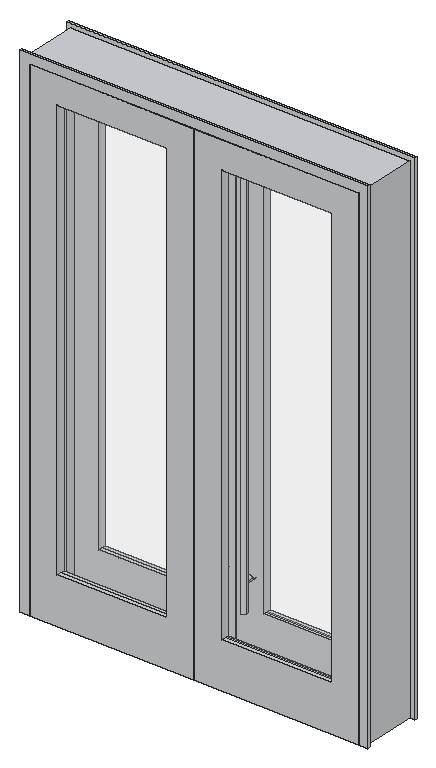
Revit family "DOOR_Double Glass_Stile & Rail", category Doors, host Wall, Revit 2024
Family settings
  Host = Wall
  Always vertical = Yes
  Cut with Voids When Loaded = No
  Shared = No
  Room Calculation Point = No
Parameters (values of type "1800mm x 2700mm")
  Width_Panel = Width / 2  # 900 mm
  Vertical Pull Material = none
  Vertical Pull = yes
  Thickness = 44.45 mm
  Single ADA Clearance Lines [instance] = yes
  Rough Width = Width + (2 * Rough In Gap)  # 1850 mm
  Rough In Gap = 25 mm
  Rough Height [instance] = Height + Rough In Gap  # 2725 mm
  Rabbit Width = 16 mm
  Rabbit Inset Distance from Front Trim = 45 mm
  Rabbit Depth = 50 mm
  Panic Device Material = none
  Panic Device = no
  Panel Distance to Top = 150 mm
  Panel Distance to Edge = 150 mm
  Panel Kick Height = 250 mm
  Height to Top of Pull [instance] = Height - Panel Distance to Top  # 2550 mm
  Height = 2700 mm
  Wall Closure = By host
  Width = 1800 mm
  Glazed Panel Depth = 25 mm
  Function = Interior
  Frame Trim Width = 50 mm
  Frame Trim Thickness = 12.5 mm
  Fire Rating = ""
  EA_Repath [instance] = 0 mm
  Double Swing - Right Door [instance] = yes
  Double Swing - Left Door [instance] = yes
  Double ADA Clearance Lines [instance] = yes
  Door_$Panel_Material [instance] = none
  Door_$Leaf1_3DSwing_Angle [instance] = 0.00°
  Door_$Leaf1_2DSwing_Angle [instance] = 90.00°
  Door_$Frame_Material [instance] = none
  Distance Pull to Edge of Panel = 75 mm
  Define Thermal Properties by = Schematic Type
  Assembly Code = "C1020"
  Analytic Construction = "<None>"
Types (3, lengths in mm): name | Rough Height | Height to Top of Pull | Height
  1800mm x 2100mm | 2125 | 1950 | 2100
  1800mm x 2400mm | 2425 | 2250 | 2400
  1800mm x 2700mm | 2725 | 2550 | 2700
Reference planes
  plane 1 "Center (Front/Back)": y = 0
  plane 2 "Center (Left/Right)": x = 0
  plane 3 "Left": x = -900
  plane 4 "Right": x = 900
  plane 5 "Top": z = 2700
  plane 6: x = -75
  plane 7: x = 75
  plane 8: z = 250
  plane 9: z = 2550
  plane 10: y = 142.875
  plane 11: y = -152.4
  plane 12: y = 152.4
Forms (mm)
  Sweep 1, solid, material <- "Door_$Frame_Material"
    path origin (0, 0, 0) x (1, 0, 0) y (0, 0, 1)
      loop
        line (900, 0) -> (900, 2700) -> (-900, 2700) -> (-900, 0)
    profile origin (900, 0, 1350) x (-1, 0, 0) y (0, -1, 0)
      loop
        line (-25.4, 152.4) -> (-25.4, -152.4) -> (-50, -152.4) -> (-50, -164.9) -> (0, -164.9) -> (0, -120.45) -> (16, -120.45) -> (16, -70.45) -> (0, -70.45) -> (0, 164.9) -> (-50, 164.9) -> (-50, 152.4) -> (-25.4, 152.4)
Lines and regions (mm)
  Opening 1
    outline origin (-2286, -152.4, 0) x (1, 0, 0) y (0, 0, 1)
      loop
        line (1361, 0) -> (3211, 0) -> (3211, 2725) -> (1361, 2725) -> (1361, 0)
  symbolic lines, style "Elevation Swing"
    curve 1: line (0, 152.4, 0) -> (-900, 152.4, 1350)
    curve 2: line (-900, 152.4, 1350) -> (0, 152.4, 2700)
    curve 3: line (0, 152.4, 0) -> (900, 152.4, 1350)
    curve 4: line (900, 152.4, 1350) -> (0, 152.4, 2700)
  symbolic lines, style "DoorsPanelProjection"
    curve 5: line (0, 164.9, 0) -> (0, -164.9, 0)
  symbolic lines, style "ADA Clearance Lines", visible <- "Double ADA Clearance Lines"
    curve 6: line (-855.55, 1676.4, 0) -> (855.55, 1676.4, 0)
    curve 7: line (-855.55, -1676.4, 0) -> (-855.55, 1676.4, 0)
    curve 8: line (855.55, -1676.4, 0) -> (-855.55, -1676.4, 0)
    curve 9: line (855.55, 1676.4, 0) -> (855.55, -1676.4, 0)
  symbolic lines, style "ADA Clearance Lines"
    curve 10: line (-855.55, -1371.6, 0) -> (-855.55, 1676.4, 0)
    curve 12: line (855.55, 1676.4, 0) -> (855.55, -1371.6, 0)
  symbolic lines, style "ADA Clearance Lines", visible <- "Single ADA Clearance Lines"
    curve 11: line (855.55, -1371.6, 0) -> (-855.55, -1371.6, 0)
    curve 13: line (-855.55, 1676.4, 0) -> (855.55, 1676.4, 0)
Text (mm)
  text "Exterior" at (-1904.17, 693.701, 0), in view "Ref. Level"
  text "Interior" at (-1904.17, -638.649, 0), in view "Ref. Level"
  text "Exterior" at (0, 1019.848, 3124.603), in view "Right"
  text "Interior" at (0, -1635.541, 3124.603), in view "Right"
  text "Interior" at (0, -787.806, 3124.376), in view "Left"
  text "Exterior" at (0, 1386.095, 3124.376), in view "Left"
Dimensions and locks
  equal spacing: plane 3 "Left", plane 2 "Center (Left/Right)", plane 4 "Right"
  "Height": level to plane 5 "Top"
  "Width": plane 3 "Left" to plane 4 "Right"
  equal spacing: host wall, curve 2, plane 5 "Top"
  "Rough In Gap": plane 4 "Right" to Opening 1 sketch curve
  "Rough In Gap": Opening 1 sketch curve to plane 3 "Left"
  "Rough In Gap": plane 5 "Top" to Opening 1 sketch curve
  "Frame Trim Thickness": Sweep 1 sketch curve to host wall
  "Rabbit Depth": Sweep 1 sketch curve to Sweep 1 sketch curve
  locked: Sweep 1 sketch curve to Sweep 1 sketch curve at 44.45
  "Frame Trim Width": plane 4 "Right" to Sweep 1 sketch curve  (x2)
  "Rabbit Width": Sweep 1 sketch curve to plane 4 "Right"
  "Frame Trim Thickness": host wall to Sweep 1 sketch curve
  "Thickness": nested 1 to Sweep 1
  "Thickness": nested 2 to Sweep 1
  equal spacing: level, curve 4, plane 5 "Top"
  "Distance Pull to Edge of Panel": plane 2 "Center (Left/Right)" to plane 6
  "Distance Pull to Edge of Panel": plane 2 "Center (Left/Right)" to plane 7
  "Panel Kick Height": level to plane 8
  "Height to Top of Pull": level to plane 9
  plane 12 to curve 6 = 1524 mm
  curve 11 to plane 11 = 1219.2 mm
  curve 8 to plane 11 = 1524 mm
  plane 12 to curve 13 = 1524 mm
  aligned and locked: Opening 1 sketch curve to level
  aligned and locked: plane 3 "Left" to curve 1
  aligned and locked: plane 5 "Top" to curve 2
  aligned and locked: plane 4 "Right" to Sweep 1 sketch curve
  aligned and locked: Sweep 1 sketch curve to plane 3 "Left"
  aligned and locked: plane 5 "Top" to Sweep 1 sketch curve
  aligned and locked: host wall to Sweep 1 sketch curve  (x2)
  aligned and locked: Sweep 1 sketch curve to plane 4 "Right"  (x2)
  aligned and locked: nested 3 to plane 6
  aligned and locked: nested 3 to plane 8
  aligned and locked: nested 4 to plane 8
  aligned and locked: nested 4 to plane 6
  aligned and locked: nested 4 to plane 10
  aligned and locked: plane 10 to nested 3
  aligned and locked: plane 8 to nested 5
  aligned and locked: plane 8 to nested 6
  aligned and locked: plane 7 to nested 6
  aligned and locked: plane 7 to nested 5
  aligned and locked: Sweep 1 to nested 7  (x4)
  aligned and locked: nested 8 to Sweep 1  (x2)
  aligned and locked: nested 2 to curve 5
  aligned and locked: nested 8 to curve 5
  aligned and locked: nested 1 to Sweep 1  (x2)
  aligned and locked: Sweep 1 to nested 2  (x4)
  aligned and locked: Sweep 1 to nested 8  (x3)
  aligned and locked: plane 11 to host wall
  aligned and locked: plane 12 to host wall
  aligned and locked: Sweep 1 to nested 1  (x2)
  aligned and locked: plane 3 "Left" to nested 1  (x2)
  aligned and locked: plane 3 "Left" to nested 7  (x3)
  aligned and locked: plane 4 "Right" to nested 8  (x3)
  aligned and locked: plane 4 "Right" to nested 2  (x2)
  aligned and locked: nested 1 to plane 3 "Left"
  aligned and locked: nested 2 to plane 4 "Right"
Automatic sketch dimensions
  curve 1 to level = 0 mm
  curve 2 to plane 2 "Center (Left/Right)" = 0 mm
  Sweep 1 sketch curve to level = 0 mm  (x2)
  profile plane to Sweep 1 sketch curve = 25.4 mm
  curve 3 to plane 4 "Right" = 0 mm
  curve 4 to plane 2 "Center (Left/Right)" = 0 mm
  curve 3 to level = 0 mm
  curve 3 to plane 2 "Center (Left/Right)" = 0 mm
  curve 4 to plane 5 "Top" = 0 mm
  curve 1 to plane 2 "Center (Left/Right)" = 0 mm
  curve 5 to plane 2 "Center (Left/Right)" = 0 mm
  curve 8 to plane 3 "Left" = 44.45 mm
  plane 4 "Right" to curve 13 = 44.45 mm
Nested families
  nested 1: "Door_Glazed Panel_Adjustable" at (-900, 164.9, 0), Panel Thickness <- "Thickness", Panel Width <- "Width_Panel", Panel Height <- "Height", Panel Material <- "Door_$Panel_Material", Opening Angle <- "Door_$Leaf1_3DSwing_Angle", Plan Linework Opening Angle <- "Door_$Leaf1_2DSwing_Angle", Panel Kick Height <- "Panel Kick Height", Panel Distance to Top <- "Panel Distance to Top", Panel Distance to Edge <- "Panel Distance to Edge", Glazed Panel Depth <- "Glazed Panel Depth", type "Door_Panel_Adjustable"
    with Plan Linework Opening Angle 90.00°, Panel Width 900 mm, Panel Thickness 44.45 mm, Panel Material none, Panel Kick Height 250 mm, Panel Height 2700 mm, Panel Distance to Top 150 mm, Panel Distance to Edge 150 mm, Opening Angle 0.00°, Glazed Panel Depth 25 mm
  nested 2: "Door_Glazed Panel_Adjustable" at (900, 164.9, 0) x (-1, 0, 0) z (0, 0, 1), Panel Thickness <- "Thickness", Panel Width <- "Width_Panel", Panel Height <- "Height", Panel Material <- "Door_$Panel_Material", Opening Angle <- "Door_$Leaf1_3DSwing_Angle", Plan Linework Opening Angle <- "Door_$Leaf1_2DSwing_Angle", Panel Kick Height <- "Panel Kick Height", Panel Distance to Top <- "Panel Distance to Top", Panel Distance to Edge <- "Panel Distance to Edge", Glazed Panel Depth <- "Glazed Panel Depth", type "Door_Panel_Adjustable"
    with Plan Linework Opening Angle 90.00°, Panel Width 900 mm, Panel Thickness 44.45 mm, Panel Material none, Panel Kick Height 250 mm, Panel Height 2700 mm, Panel Distance to Top 150 mm, Panel Distance to Edge 150 mm, Opening Angle 0.00°, Glazed Panel Depth 25 mm
  nested 3: "Panic Device" at (-206.986, 142.875, -4) x (-1, 0, 0) z (0, 0, 1), visible <- "Panic Device", type "Default"
    with Offset_FF to Top of Pull 2550 mm
  nested 4: "Vertical Straight Pull" at (-75, 142.875, -4), visible <- "Vertical Pull", type "Default"
    with Offset_FF to Top of Pull 2550 mm
  nested 5: "Panic Device" at (206.986, 142.875, -4), visible <- "Panic Device", type "Default"
    with Offset_FF to Top of Pull 2550 mm
  nested 6: "Vertical Straight Pull" at (75, 142.875, -4) x (-1, 0, 0) z (0, 0, 1), visible <- "Vertical Pull", type "Default"
    with Offset_FF to Top of Pull 2550 mm
  nested 7: "Door_Glazed Panel_Adjustable" at (-900, -164.9, 0), Panel Thickness <- "Thickness", Panel Width <- "Width_Panel", Panel Height <- "Height", Panel Material <- "Door_$Panel_Material", Opening Angle <- "Door_$Leaf1_3DSwing_Angle", Plan Linework Opening Angle <- "Door_$Leaf1_2DSwing_Angle", Panel Kick Height <- "Panel Kick Height", Panel Distance to Top <- "Panel Distance to Top", Panel Distance to Edge <- "Panel Distance to Edge", Glazed Panel Depth <- "Glazed Panel Depth", visible <- "Double Swing - Left Door", type "Door_Panel_Adjustable"
    with Plan Linework Opening Angle 90.00°, Panel Width 900 mm, Panel Thickness 44.45 mm, Panel Material none, Panel Kick Height 250 mm, Panel Height 2700 mm, Panel Distance to Top 150 mm, Panel Distance to Edge 150 mm, Opening Angle 0.00°, Glazed Panel Depth 25 mm
  nested 8: "Door_Glazed Panel_Adjustable" at (900, -164.9, 0) x (-1, 0, 0) z (0, 0, 1), Panel Thickness <- "Thickness", Panel Width <- "Width_Panel", Panel Height <- "Height", Panel Material <- "Door_$Panel_Material", Opening Angle <- "Door_$Leaf1_3DSwing_Angle", Plan Linework Opening Angle <- "Door_$Leaf1_2DSwing_Angle", Panel Kick Height <- "Panel Kick Height", Panel Distance to Top <- "Panel Distance to Top", Panel Distance to Edge <- "Panel Distance to Edge", Glazed Panel Depth <- "Glazed Panel Depth", visible <- "Double Swing - Right Door", type "Door_Panel_Adjustable"
    with Plan Linework Opening Angle 90.00°, Panel Width 900 mm, Panel Thickness 44.45 mm, Panel Material none, Panel Kick Height 250 mm, Panel Height 2700 mm, Panel Distance to Top 150 mm, Panel Distance to Edge 150 mm, Opening Angle 0.00°, Glazed Panel Depth 25 mm
Definition of nested family "Door_Glazed Panel_Adjustable"
  Parameters (values of type "Door_Panel_Adjustable")
    Plan Linework Opening Angle [instance] = 60.00°
    Panel Width [instance] = 914.4 mm
    Panel Thickness [instance] = 45.045 mm
    Panel Material [instance] = none
    Panel Kick Height [instance] = 279.4 mm
    Panel Height [instance] = 2133.6 mm
    Panel Glazing Material = none
    Panel Distance to Top [instance] = 228.6 mm
    Panel Distance to Edge [instance] = 152.4 mm
    Opening Angle [instance] = 30.00°
    Glazed Panel Depth [instance] = 25.4 mm
    Define Thermal Properties by = 1
    Assembly Code = ""
    Analytic Construction = "<None>"
  Reference planes
    plane 1 "Center (Front/Back)": y = 0
    plane 2: z = 0
    plane 3 "Center (Left/Right)": x = 0
  Lines and regions (mm)
    reference lines
      curve 1: line (0, 0, 0) -> (791.894, 457.2, 0)
  Dimensions and locks
    "Opening Angle": angle plane 1 "Center (Front/Back)" to curve 1
    aligned and locked: plane 3 "Center (Left/Right)" to curve 1
    aligned and locked: nested 1 to curve 1
    aligned and locked: plane 3 "Center (Left/Right)" to nested 2
    aligned and locked: plane 1 "Center (Front/Back)" to nested 2
  Automatic sketch dimensions
    curve 1 to plane 1 "Center (Front/Back)" = 0 mm
  Nested families
    nested 1: "Door_Panel_Glazed" at (0, 0, 0) x (0.866, 0.5, 0) z (0, 0, 1), type "Door_Panel_Glazed"
      with Panel Height 2133.6 mm, Panel Head Height 228.6 mm, Panel Edge Width 152.4 mm
    nested 2: "Door_Glazed Panel_Linework" at (0, 0, 0), Panel Stile Width <- "Panel Distance to Edge", type "door panel swing"
      with Panel Stile Width 152.4 mm, Panel Thickness 45.045 mm
  Definition of nested family "Door_Panel_Glazed"
    Parameters
      Thickness = 44.45 mm
      Panel Width = 914.4 mm
      Panel Material = none
      Panel Kick Height = 279.4 mm
      Panel Height = 2286 mm
      Panel Head Height = 127 mm
      Panel Edge Width = 101.6 mm
      Glazing Thickness = 6.35 mm
      Glazing Material = none
      Glazing Depth = 25.4 mm
      Default Elevation = 1219.2 mm
    Reference planes
      plane 1 "Center (Front/Back)": y = 0
      plane 2: z = 0
      plane 3 "Center (Left/Right)": x = 0
    Forms (mm)
      Extrusion 1, solid, material <- "Panel Material"
        sketch origin (457.2, 0, 0) x (1, 0, 0) y (0, 0, 1)
          loop
            line (-457.2, 0) -> (457.2, 0) -> (457.2, 2286) -> (-457.2, 2286) -> (-457.2, 0)
          loop
            line (-355.6, 2159) -> (-355.6, 279.4) -> (355.6, 279.4) -> (355.6, 2159) -> (-355.6, 2159)
        from 0 to 44.45
      Extrusion 2, solid, material <- "Glazing Material"
        sketch origin (457.2, 0, 0) x (1, 0, 0) y (0, 0, 1)
          loop
            line (-355.6, 2159) -> (-355.6, 279.4) -> (355.6, 279.4) -> (355.6, 2159) -> (-355.6, 2159)
        from 22.225 to 28.575
    Lines and regions (mm)
      reference lines
        curve 1: line (584.502, -25.4, 0) -> (794.052, -25.4, 0)
    Dimensions and locks
      "Panel Height": Extrusion 1 sketch curve to level
      equal spacing: Extrusion 2, curve 1, Extrusion 2
      "Glazing Thickness": Extrusion 2 to Extrusion 2
      "Thickness": Extrusion 1 to plane 1 "Center (Front/Back)"
      "Glazing Depth": curve 1 to Extrusion 1
      "Panel Edge Width": Extrusion 1 sketch curve to Extrusion 1 sketch curve  (x2)
      "Panel Head Height": Extrusion 1 sketch curve to Extrusion 1 sketch curve
      "Panel Width": Extrusion 1 sketch curve to plane 3 "Center (Left/Right)"
      "Panel Kick Height": Extrusion 1 sketch curve to level
      aligned and locked: Extrusion 1 to plane 1 "Center (Front/Back)"
      aligned and locked: Extrusion 1 sketch curve to level
      aligned and locked: Extrusion 1 sketch curve to plane 3 "Center (Left/Right)"
      aligned and locked: Extrusion 1 to Extrusion 2 sketch curve  (x2)
      aligned and locked: Extrusion 2 sketch curve to Extrusion 1  (x2)
    Automatic sketch dimensions
      plane 1 "Center (Front/Back)" to curve 1 = 25.4 mm
      plane 3 "Center (Left/Right)" to curve 1 = 584.502 mm
      curve 1 to curve 1 = 209.55 mm
  Definition of nested family "Door_Glazed Panel_Linework"
    Parameters
      Panel Thickness = 44.45 mm
      Panel Swing = 60.00°
      Panel Stile Width [instance] = 101.6 mm
      Panel Length = 914.4 mm
      Invisible Line_Height = 2133.6 mm
      Height = 2133.6 mm
      Default Elevation = 1219.2 mm
      Assembly Code = ""
    Reference planes
      plane 1 "Center (Front/Back)": y = 0
      plane 2: z = 0
      plane 3 "Center (Left/Right)": x = 0
    Lines and regions (mm)
      symbolic lines
        curve 1: line (0, 0, 0) -> (50.8, 87.988, 0)
        curve 2: line (457.2, 791.894, 0) -> (495.695, 769.669, 0)
        curve 3: line (0, 0, 0) -> (38.495, -22.225, 0)
        curve 4: line (38.495, -22.225, 0) -> (89.295, 65.763, 0)
        curve 5: arc (457.2, 791.894, 0) -> (792.711, 455.78, 0) -> (914.394, -3.277, 0) r 914.4
        curve 6: line (50.8, 87.988, 0) -> (89.295, 65.763, 0)
        curve 7: line (406.4, 703.905, 0) -> (444.895, 681.68, 0)
        curve 8: line (50.8, 87.988, 0) -> (406.4, 703.905, 0)
        curve 9: line (406.4, 703.905, 0) -> (457.2, 791.894, 0)
        curve 10: line (444.895, 681.68, 0) -> (495.695, 769.669, 0)
        curve 11: line (89.295, 65.763, 0) -> (444.895, 681.68, 0)
        curve 12: line (70.047, 76.876, 0) -> (425.647, 692.793, 0)
      model lines
        curve 13: line (0, 0, 0) -> (0, 0, 2133.6)
    Dimensions and locks
      "Panel Thickness": curve 4 to curve 1
      "Panel Length": curve 3 to curve 2
      locked: curve 5 to plane 1 "Center (Front/Back)" at 3.277
      "Panel Stile Width": curve 7 to curve 2
      "Panel Stile Width": curve 3 to curve 6
      equal spacing: curve 11, curve 12, curve 8
      "Invisible Line_Height": curve 13 to level
      "Panel Swing": angle plane 1 "Center (Front/Back)" to curve 1
      aligned and locked: curve 13 to plane 1 "Center (Front/Back)"
    Automatic sketch dimensions
      curve 5 to plane 1 "Center (Front/Back)" = 0 mm
      curve 5 to plane 3 "Center (Left/Right)" = 0 mm
      curve 3 to plane 1 "Center (Front/Back)" = 0 mm
      curve 3 to plane 3 "Center (Left/Right)" = 0 mm
      curve 13 to level = 0 mm
Definition of nested family "Panic Device"
  Parameters (values of type "Default")
    Radius_Pull = 15.875 mm
    Pull = none
    Offset_FF to Top of Pull = 2641.6 mm
    Offset_FF to Bottom of Vertical Pull = 254 mm
    Offset_FF to Bottom of Panic Pull = 1066.8 mm
    Offset_CL Pull to CL Panel = 60.325 mm
    Offset_CL Mount to End of Pull = 152.4 mm
    Default Elevation = 0 mm
    Assembly Code = ""
  Reference planes
    plane 1 "Center (Front/Back)": y = 0
    plane 2: z = 0
    plane 3 "Center (Left/Right)": x = -131.986
    plane 4: z = 406.4
    plane 5: z = 2489.2
    plane 6: z = 2641.6
    plane 7: x = 579.214
    plane 8: x = 604.614
    plane 9: x = 579.214
    plane 10: z = 254
    plane 11: z = 1066.8
  Forms (mm)
    Extrusion 1, solid, material <- "Pull"
      sketch origin (0, 0, 0) x (1, 0, 0) y (0, 0, 1)
        loop
          circle (-131.986, 2489.2) r 15.875
      from -60.325 to 60.325
    Sweep 2, solid, material <- "Pull"
      path origin (0, 0, 0) x (1, 0, 0) y (0, 0, 1)
        loop
          line (-131.986, 2641.6) -> (-131.986, 1168.4)
          arc (-131.986, 1168.4) -> (-102.228, 1096.558) -> (-30.386, 1066.8) r 101.6
          line (-30.386, 1066.8) -> (477.614, 1066.8)
      profile origin (-131.986, 0, 1905) x (0, -1, 0) y (1, 0, 0)
        loop
          circle (60.325, 0) r 15.875
    Sweep 3, solid, material <- "Pull"
      path origin (0, 0, 0) x (1, 0, 0) y (0, 1, 0)
        loop
          line (493.489, -60.325) -> (518.889, -60.325)
          arc (518.889, -60.325) -> (561.545, -42.656) -> (579.214, 0) r 60.325
          line (579.214, 0) -> (579.214, 19.05)
      profile origin (506.189, -60.325, 0) x (0, 1, 0) y (0, 0, 1)
        loop
          circle (0, 1066.8) r 15.875
    Extrusion 4, solid, material <- "Pull"
      sketch origin (0, 0, 0) x (1, 0, 0) y (0, 1, 0)
        loop
          circle (-131.986, 60.325) r 15.875
      from 254 to 2641.6
    Extrusion 5, solid, material <- "Pull"
      sketch origin (0, 0, 0) x (1, 0, 0) y (0, 0, 1)
        loop
          circle (-131.986, 406.4) r 15.875
      from -60.325 to 0
  Dimensions and locks
    "Offset_CL Mount to End of Pull": plane 6 to plane 5
    "Offset_FF to Top of Pull": plane 6 to plane 2
    "Offset_CL Pull to CL Panel": Extrusion 1 to plane 1 "Center (Front/Back)"
    "Offset_CL Pull to CL Panel": Sweep 2 sketch curve to profile plane
    "Offset_CL Pull to CL Panel": plane 1 "Center (Front/Back)" to Extrusion 4 sketch curve
    "Offset_CL Pull to CL Panel": plane 1 "Center (Front/Back)" to Extrusion 1
    "Offset_FF to Bottom of Vertical Pull": plane 2 to plane 10
    "Offset_CL Mount to End of Pull": plane 4 to plane 10
    "Offset_FF to Bottom of Panic Pull": plane 11 to plane 2
    Sweep 3 sketch curve to plane 11 = 0 mm
    "Radius_Pull": radius of Extrusion 1 sketch curve
    "Radius_Pull": radius of Sweep 2 sketch curve
    "Offset_CL Pull to CL Panel": radius of Sweep 3 sketch curve
    "Radius_Pull": radius of Sweep 3 sketch curve
    "Radius_Pull": radius of Extrusion 4 sketch curve
    aligned and locked: plane 7 to Sweep 3 sketch curve
    aligned and locked: plane 6 to Extrusion 4
    aligned and locked: Extrusion 4 to plane 10
    aligned and locked: Sweep 2 sketch curve to plane 11
    aligned and locked: level to plane 2
    aligned: Sweep 2 to Sweep 3
    aligned and locked: plane 1 "Center (Front/Back)" to Extrusion 5
    aligned and locked: Extrusion 1 to Extrusion 5
  Automatic sketch dimensions
    Sweep 2 sketch curve to plane 3 "Center (Left/Right)" = 0 mm
    Sweep 2 sketch curve to plane 6 = 0 mm
    plane 3 "Center (Left/Right)" to Sweep 2 sketch curve = 101.6 mm
    Sweep 2 sketch curve to plane 9 = 101.6 mm
    Extrusion 5 sketch curve to plane 3 "Center (Left/Right)" = 0 mm
    Extrusion 5 sketch curve to plane 4 = 0 mm
    Extrusion 1 sketch curve to plane 3 "Center (Left/Right)" = 0 mm
    Extrusion 1 sketch curve to plane 5 = 0 mm
    Sweep 2 sketch curve to profile plane = 0 mm
    plane 1 "Center (Front/Back)" to Sweep 3 sketch curve = 0 mm
    Sweep 3 sketch curve to Sweep 3 sketch curve = 25.4 mm
    Sweep 3 sketch curve to plane 1 "Center (Front/Back)" = 19.05 mm
    Sweep 3 sketch curve to profile plane = 0 mm
    Extrusion 4 sketch curve to plane 3 "Center (Left/Right)" = 0 mm
    radius of Extrusion 5 sketch curve = 15.875 mm
Definition of nested family "Vertical Straight Pull"
  Parameters (values of type "Default")
    Radius_Pull = 15.875 mm
    Pull = none
    Offset_FF to Top of Pull = 2641.6 mm
    Offset_FF to Bottom of Pull = 254 mm
    Offset_CL Pull to CL Panel = 60.325 mm
    Offset_CL Mount to End of Pull = 152.4 mm
    Default Elevation = 0 mm
    Assembly Code = ""
  Reference planes
    plane 1 "Center (Front/Back)": y = 0
    plane 2: z = 0
    plane 3 "Center (Left/Right)": x = 0
    plane 4: y = 60.325
    plane 5: y = -60.325
    plane 6: z = 406.4
    plane 7: z = 2489.2
    plane 8: z = 2641.6
    plane 9: z = 254
  Forms (mm)
    Extrusion 1, solid, material <- "Pull"
      sketch origin (0, 0, 0) x (1, 0, 0) y (0, 1, 0)
        loop
          circle (0, 60.325) r 15.875
        loop
          circle (0, -60.325) r 15.875
      from 254 to 2641.6
    Extrusion 2, solid
      sketch origin (0, 0, 0) x (1, 0, 0) y (0, 0, 1)
        loop
          circle (0, 2489.2) r 15.875
        loop
          circle (0, 406.4) r 15.875
      from -60.325 to 60.325
  Dimensions and locks
    "Offset_CL Mount to End of Pull": plane 8 to plane 7
    "Offset_CL Mount to End of Pull": plane 6 to plane 9
    "Offset_FF to Bottom of Pull": plane 9 to plane 2
    "Offset_FF to Top of Pull": plane 8 to plane 2
    "Offset_CL Pull to CL Panel": plane 4 to plane 1 "Center (Front/Back)"
    "Offset_CL Pull to CL Panel": plane 5 to plane 1 "Center (Front/Back)"
    "Offset_CL Pull to CL Panel": plane 1 "Center (Front/Back)" to Extrusion 2
    "Offset_CL Pull to CL Panel": Extrusion 2 to plane 1 "Center (Front/Back)"
    "Radius_Pull": radius of Extrusion 1 sketch curve  (x2)
    "Radius_Pull": radius of Extrusion 2 sketch curve  (x2)
    aligned and locked: plane 8 to Extrusion 1
    aligned and locked: Extrusion 1 to plane 9
  Automatic sketch dimensions
    Extrusion 1 sketch curve to plane 3 "Center (Left/Right)" = 0 mm  (x2)
    Extrusion 1 sketch curve to plane 5 = 0 mm
    Extrusion 1 sketch curve to plane 4 = 0 mm
    Extrusion 2 sketch curve to plane 3 "Center (Left/Right)" = 0 mm  (x2)
    Extrusion 2 sketch curve to plane 6 = 0 mm
    Extrusion 2 sketch curve to plane 7 = 0 mm
